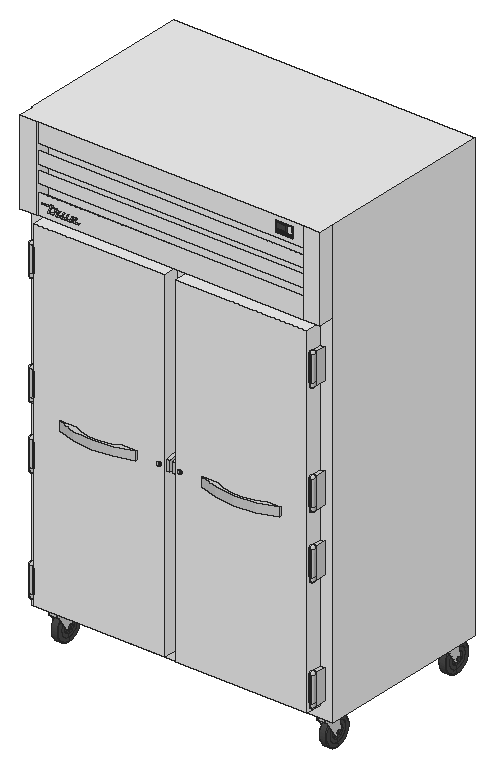
Revit family
Parameters
  Weight in Pounds = 0
  Watts = 3000 W
  Volts = 208 V
  URL Cutsheet = "www.truemfg.com"
  URL = "www.truemfg.com"
  Type Mark [instance] = ""
  Type Comments = ""
  Status [instance] = ""
  Specification by User [instance] = ""
  Specification by Manufacturer = ""
  Show Seismic Flanged [instance] = no
  Show Logo [instance] = yes
  Show Legs [instance] = no
  Show Clearance [instance] = yes
  Serial Number = ""
  Seismic Rating = ""
  Seismic Plate [instance] = and(Show Seismic Flanged, not(Show Casters))  # no
  SMACNA No = ""
  Revision Code [instance] = ""
  Phase = 1
  Omniclass Number and Title = ""
  Number of Poles [instance] = 1
  NAFEM Spec ID Number = ""
  Model = "STG2H-2S"
  Min Ckt Ampacity = 0 A
  Max Overcurrent Protection = 0 A
  Masterspec = ""
  Manufacturer = "TRUE FOOD SERVICE EQUIPMENT, INC."
  Length = 52 5/8"
  Legs [instance] = or(Show Legs, Show Seismic Flanged)  # no
  Item Number [instance] = ""
  Installed By [instance] = ""
  Identify Quantity as Lot [instance] = yes
  Height = 77 3/4"
  HP = ""
  Furnished By [instance] = ""
  Foodservice Equipment Identifier [instance] = yes
  FL Amps = Watts / Volts  # 14.4231 A
  Electrical Remarks [instance] = ""
  Electric Connection Type [instance] = ""
  Elec Conn RI Height [instance] = 0"
  Elec Conn Connection Height [instance] = 0"
  Description = "Reach-in Solid Swing Door Heated Cabinet"
  Depth = 33 3/4"
  Cycle = 60 Hz
  Conn Plug = "6-15P"
  Conn Conduit = yes
  Show Casters [instance] = and(not(if(Show Legs, Show Legs, Show Legs)), not(if(Show Legs, Show Legs, Show Seismic Flanged)))  # yes
  CSI MasterFormat = ""
  CSI Master Format = ""
  Apparent Power = if(Phase = 3, Volts * FL Amps * 1.73, Volts * FL Amps)  # 3000 VA
Reference planes (in)
  plane 1 "BACK": y = 0
  plane 2: z = 0
  plane 3 "LEFT": x = 0
  plane 4 "RIGHT": x = 52.625
  plane 5 "FRONT": y = -33.75
  plane 6 "TOP": z = 84.125
  plane 7: z = 6.125
  plane 8: x = 26.3125
  plane 9: x = 3
  plane 10: x = 49.9375
  plane 11: y = -33.7042
  plane 12: x = 26.46875
Forms (in)
  Extrusion 1, solid, material "QF_Finishes_Chrome - Satin"
    sketch origin (0.05, 0, 0) x (1, 0, 0) y (0, 1, 0)
      loop
        line (-0.05, 0) -> (-0.05, -31) -> (2.35625, -31) -> (2.35625, 0) -> (-0.05, 0)
    from 6.125 to 84.125
  Extrusion 2, solid, material "QF_Finishes_Chrome - Satin"
    sketch origin (50.15, 0, 0) x (1, 0, 0) y (0, 1, 0)
      loop
        line (0.225, 0) -> (0.225, -31) -> (2.475, -31) -> (2.475, 0) -> (0.225, 0)
    from 6.125 to 84.125
  Extrusion 3, solid, material "QF_Finishes_Chrome - Satin"
    sketch origin (0, 0, 0) x (0, 1, 0) y (0, 0, 1)
      loop
        line (-33.7042, 69.5) -> (-31, 69.5) -> (-31, 6.125) -> (0, 6.125) -> (0, 84.125) -> (-33.7042, 84.125) -> (-33.7042, 80.78078) -> (-31.5, 79.21352) -> (-31.5, 78.09125) -> (-33.7042, 79.65851) -> (-33.7042, 77.5248) -> (-31.5, 75.95754) -> (-31.5, 74.99678) -> (-33.7042, 76.56404) -> (-33.7042, 74.46784) -> (-31.5, 72.90057) -> (-31.5, 71.625) -> (-33.7042, 73.19226) -> (-33.7042, 69.5)
    from 2.25 to 50.375
  Extrusion 4, solid, material "QF_Finishes_Chrome - Satin"
    sketch origin (0, 0, 0) x (1, 0, 0) y (0, 1, 0)
      loop
        line (52.54687, -31) -> (49.66032, -31) -> (49.66032, -33.75) -> (52.54687, -33.75) -> (52.54687, -31)
    from 69.5 to 84.125
  Extrusion 5, solid, material "QF_Finishes_Chrome - Satin"
    sketch origin (-50.125, 0, 0.25) x (1, 0, 0) y (0, 1, 0)
      loop
        line (53.20984, -31) -> (50.20312, -31) -> (50.20312, -33.75) -> (53.20984, -33.75) -> (53.20984, -31)
    from 69.25 to 83.875
  Extrusion 6, solid, material "QF_Finishes_Chrome - Satin"
    sketch origin (0, 0, -0.71875) x (1, 0, 0) y (0, 0, 1)
      loop
        line (2.4375, 68.6875) -> (2.4375, 8.75) -> (25.375, 8.75) -> (25.375, 68.6875) -> (2.4375, 68.6875)
      loop
        line (50.34375, 68.6875) -> (27.40625, 68.6875) -> (27.40625, 8.75) -> (50.34375, 8.75) -> (50.34375, 68.6875)
    from 31 to 33.75
  Extrusion 7, solid, material "QF_Finishes_Handrails and Railings"
    sketch origin (85.95, -0.25, 26.37269) x (1, 0, 0) y (0, 1, 0)
      loop
        line (-53.875, -33.5) -> (-53.875, -33.7)
        arc (-53.875, -33.7) -> (-47.075, -35.14405) -> (-40.275, -33.7) r 16.7325
        line (-40.275, -33.7) -> (-40.275, -33.5) -> (-42.675, -33.5)
        arc (-42.675, -33.5) -> (-47.075, -34.65816) -> (-51.475, -33.5) r 8.93715
        line (-51.475, -33.5) -> (-53.875, -33.5)
    from 10.87731 to 12.37731
  Extrusion 8, solid, material "QF_Finishes_Handrails and Railings"
    sketch origin (1.75, 0, -2) x (1, 0, 0) y (0, 0, 1)
      loop
        circle (22.6875, 40.0625) r 0.35
      loop
        line (22.65235, 40.33635) -> (22.65235, 39.76895) -> (22.70785, 39.76895) -> (22.70785, 40.33635) -> (22.65235, 40.33635)
      loop
        circle (26.3125, 40.0625) r 0.35
      loop
        line (26.34765, 40.33635) -> (26.29215, 40.33635) -> (26.29215, 39.76895) -> (26.34765, 39.76895) -> (26.34765, 40.33635)
    from 33.5 to 33.83066
  Extrusion 9, solid, material "QF_Finishes_Handrails and Railings", visible <- "Show Logo"
    sketch origin (0.33478, 1.08173, -6.73143) x (1, 0, 0) y (0, 0, 1)
      loop
        line (3.61669, 78.46231) -> (3.51103, 78.23573) -> (4.91652, 78.23573)
        arc (4.91652, 78.23573) -> (4.94504, 78.18528) -> (4.91652, 78.13484) r 0.05887
        line (4.91652, 78.13484) -> (4.54994, 77.34872)
        arc (4.54994, 77.34872) -> (4.54676, 77.27591) -> (4.596, 77.22217) r 0.09523
        line (4.596, 77.22217) -> (5.49469, 77.22217)
        arc (5.49469, 77.22217) -> (5.60817, 77.25795) -> (5.68061, 77.35235) r 0.19785
        line (5.68061, 77.35235) -> (5.9691, 77.97101) -> (6.23415, 77.97101)
        arc (6.23415, 77.97101) -> (6.30369, 77.94543) -> (6.29362, 77.87203) r 0.05911
        line (6.29362, 77.87203) -> (6.05223, 77.35437)
        arc (6.05223, 77.35437) -> (6.05599, 77.2684) -> (6.12856, 77.22217) r 0.09318
        line (6.12856, 77.22217) -> (6.91823, 77.22217)
        arc (6.91823, 77.22217) -> (6.97874, 77.24419) -> (7.01093, 77.29995) r 0.09412
        arc (7.01093, 77.29995) -> (7.03371, 77.24495) -> (7.08871, 77.22217) r 0.07778
        line (7.08871, 77.22217) -> (7.58871, 77.22217)
        arc (7.58871, 77.22217) -> (7.64647, 77.23765) -> (7.68876, 77.27993) r 0.11552
        arc (7.68876, 77.27993) -> (7.709, 77.23106) -> (7.75787, 77.21081) r 0.06912
        line (7.75787, 77.21081) -> (8.4685, 77.21081)
        arc (8.4685, 77.21081) -> (8.52659, 77.23488) -> (8.55066, 77.29297) r 0.08216
        arc (8.55066, 77.29297) -> (8.60392, 77.23972) -> (8.67667, 77.22022) r 0.14551
        line (8.67667, 77.22022) -> (10.00783, 77.22022) -> (10.15571, 77.47634) -> (8.81303, 77.47634)
        arc (8.81303, 77.47634) -> (8.77597, 77.50204) -> (8.77459, 77.54711) r 0.05009
        line (8.77459, 77.54711) -> (8.79782, 77.59692)
        arc (8.79782, 77.59692) -> (8.83348, 77.64364) -> (8.88952, 77.66135) r 0.09747
        line (8.88952, 77.66135) -> (9.3211, 77.66135)
        arc (9.3211, 77.66135) -> (9.41425, 77.68631) -> (9.48244, 77.7545) r 0.1863
        line (9.48244, 77.7545) -> (9.60744, 77.97101)
        arc (9.60744, 77.97101) -> (9.60744, 78.08657) -> (9.50736, 78.14434) r 0.11556
        line (9.50736, 78.14434) -> (9.05187, 78.14434)
        arc (9.05187, 78.14434) -> (8.93575, 78.12462) -> (8.85474, 78.03912) r 0.18605
        line (8.85474, 78.03912) -> (8.63829, 77.57493)
        arc (8.63829, 77.57493) -> (8.5744, 77.49167) -> (8.47431, 77.46011) r 0.1745
        line (8.47431, 77.46011) -> (8.00184, 77.46011)
        arc (8.00184, 77.46011) -> (7.94528, 77.52184) -> (7.94893, 77.60548) r 0.10939
        line (7.94893, 77.60548) -> (8.2002, 78.14434) -> (8.04028, 78.14434) -> (7.77406, 77.57344)
        arc (7.77406, 77.57344) -> (7.72234, 77.50603) -> (7.6413, 77.48048) r 0.14128
        line (7.6413, 77.48048) -> (7.3155, 77.48048)
        arc (7.3155, 77.48048) -> (7.26044, 77.55223) -> (7.27225, 77.64189) r 0.11816
        line (7.27225, 77.64189) -> (7.50655, 78.14434) -> (7.34139, 78.14434) -> (7.07171, 77.566)
        arc (7.07171, 77.566) -> (7.0091, 77.50339) -> (6.92358, 77.48048) r 0.17104
        line (6.92358, 77.48048) -> (6.4518, 77.48048)
        arc (6.4518, 77.48048) -> (6.36707, 77.51999) -> (6.35892, 77.61313) r 0.0935
        line (6.35892, 77.61313) -> (6.51399, 77.94569) -> (6.7332, 77.94569)
        arc (6.7332, 77.94569) -> (6.7702, 78.05717) -> (6.84892, 78.14434) r 0.2857
        line (6.84892, 78.14434) -> (5.9923, 78.14434)
        arc (5.9923, 78.14434) -> (5.89711, 78.12324) -> (5.83123, 78.05135) r 0.16212
        line (5.83123, 78.05135) -> (5.59904, 77.55341)
        arc (5.59904, 77.55341) -> (5.54565, 77.50002) -> (5.47272, 77.48048) r 0.14586
        line (5.47272, 77.48048) -> (4.96131, 77.48048)
        arc (4.96131, 77.48048) -> (4.92139, 77.53442) -> (4.92899, 77.60109) r 0.09155
        line (4.92899, 77.60109) -> (5.26643, 78.23573) -> (6.1178, 78.23573) -> (6.22346, 78.46231) -> (5.37209, 78.46231) -> (5.47774, 78.68888) -> (5.17487, 78.68888) -> (5.06922, 78.46231) -> (3.61669, 78.46231)
      loop
        arc (8.9943, 77.93863) -> (8.95744, 77.92875) -> (8.93045, 77.90176) r 0.07373
        line (8.93045, 77.90176) -> (8.90854, 77.83436)
        arc (8.90854, 77.83436) -> (8.9187, 77.80983) -> (8.94324, 77.79966) r 0.0347
        line (8.94324, 77.79966) -> (9.31573, 77.79966)
        arc (9.31573, 77.79966) -> (9.34257, 77.80561) -> (9.36437, 77.82234) r 0.0635
        line (9.36437, 77.82234) -> (9.38249, 77.90622)
        arc (9.38249, 77.90622) -> (9.37716, 77.92868) -> (9.35634, 77.93863) r 0.02676
        line (9.35634, 77.93863) -> (8.9943, 77.93863)
    from 34.76797 to 34.83173
  Extrusion 10, solid
    sketch origin (0, 0, 0) x (1, 0, 0) y (0, 0, 1)
      loop
        circle (49.53125, 82) r 0.25
    from 0 to 0.0625
  Extrusion 11, solid, material "QF_Finishes_Handrails and Railings"
    sketch origin (-33.16875, -0.25, 26.37269) x (1, 0, 0) y (0, 1, 0)
      loop
        line (53.71875, -33.5) -> (51.31875, -33.5)
        arc (51.31875, -33.5) -> (47.075, -34.58228) -> (42.83125, -33.5) r 8.86127
        line (42.83125, -33.5) -> (40.43125, -33.5) -> (40.43125, -33.7)
        arc (40.43125, -33.7) -> (47.075, -35.08117) -> (53.71875, -33.7) r 16.66961
        line (53.71875, -33.7) -> (53.71875, -33.5)
    from 10.87731 to 12.37731
  Blend 12, solid, material "QF_Finishes_Handrails and Railings"
    base sketch origin (0.125, 0, 0) x (1, 0, 0) y (0, 0, 1)
      loop
        line (25.25, 38.99169) -> (25.25, 37.24169) -> (26, 37.24169) -> (26, 38.99169) -> (25.25, 38.99169)
    top sketch origin (0.125, 0, 0) x (1, 0, 0) y (0, 0, 1)
      loop
        line (26.18223, 36.6441) -> (26.18223, 39.42643) -> (25.25, 39.42643) -> (25.25, 36.6441) -> (26.18223, 36.6441)
    from 33.57883 to 31
  Blend 13, solid, material "QF_Finishes_Handrails and Railings"
    base sketch origin (52.65625, 0, 0) x (-1, 0, 0) y (0, 0, -1)
      loop
        line (25.25, -38.99169) -> (26, -38.99169) -> (26, -37.24169) -> (25.25, -37.24169) -> (25.25, -38.99169)
    top sketch origin (52.65625, 0, 0) x (-1, 0, 0) y (0, 0, -1)
      loop
        line (26.18223, -36.6441) -> (25.25, -36.6441) -> (25.25, -39.42643) -> (26.18223, -39.42643) -> (26.18223, -36.6441)
    from 33.57883 to 31
  Extrusion 14, solid, material "QF_Finishes_Handrails and Railings"
    sketch origin (1.28125, 0, 0) x (0, 1, 0) y (0, 0, 1)
      loop
        line (-31, 64.55229) -> (-32.61044, 64.55229)
        arc (-32.61044, 64.55229) -> (-32.75506, 64.49238) -> (-32.81497, 64.34776) r 0.20453
        line (-32.81497, 64.34776) -> (-32.81497, 59.94848) -> (-33.25, 59.94848) -> (-33.25, 59.23627) -> (-31, 59.23627) -> (-31, 64.55229)
    from 0.17506 to 1
  Revolve 15, solid, material "QF_Finishes_Handrails and Railings"
    sketch origin (1.78125, 0, 0) x (0, 1, 0) y (0, 0, 1)
      loop
        line (-33.26563, 60.00189) -> (-33.26563, 64.81483)
        arc (-33.26563, 64.81483) -> (-33.53722, 64.72557) -> (-33.67229, 64.4736) r 0.3848
        line (-33.67229, 64.4736) -> (-33.67229, 60.00189) -> (-33.26563, 60.00189)
      loop
        line (-33.26563, 59.94848) -> (-33.67229, 59.94848) -> (-33.67229, 59.37712)
        arc (-33.67229, 59.37712) -> (-33.53264, 59.13383) -> (-33.26563, 59.04781) r 0.38884
        line (-33.26563, 59.04781) -> (-33.26563, 59.94848)
      axis (-33.26563, 59.04781) -> (-33.26563, 64.81483)
    angle from 0 to 360
  Extrusion 16, solid, material "QF_Finishes_Handrails and Railings"
    sketch origin (-0.03125, 0, 0) x (1, 0, 0) y (0, 0, 1)
      loop
        line (2.07116, 64.4736) -> (2.07116, 60.00079) -> (2.46875, 60.00079) -> (2.46875, 64.4736) -> (2.07116, 64.4736)
    from 32.81497 to 33.59495
  Extrusion 17, solid, material "QF_Finishes_Handrails and Railings"
    sketch origin (1.28125, 0, -19.5) x (0, 1, 0) y (0, 0, 1)
      loop
        line (-31, 64.55229) -> (-32.61044, 64.55229)
        arc (-32.61044, 64.55229) -> (-32.75506, 64.49238) -> (-32.81497, 64.34776) r 0.20453
        line (-32.81497, 64.34776) -> (-32.81497, 59.94848) -> (-33.25, 59.94848) -> (-33.25, 59.23627) -> (-31, 59.23627) -> (-31, 64.55229)
    from 0.17506 to 1
  Revolve 18, solid, material "QF_Finishes_Handrails and Railings"
    sketch origin (1.78125, 0, -19.5) x (0, 1, 0) y (0, 0, 1)
      loop
        line (-33.26563, 60.00189) -> (-33.26563, 64.81483)
        arc (-33.26563, 64.81483) -> (-33.53722, 64.72557) -> (-33.67229, 64.4736) r 0.3848
        line (-33.67229, 64.4736) -> (-33.67229, 60.00189) -> (-33.26563, 60.00189)
      loop
        line (-33.26563, 59.94848) -> (-33.67229, 59.94848) -> (-33.67229, 59.37712)
        arc (-33.67229, 59.37712) -> (-33.53264, 59.13383) -> (-33.26563, 59.04781) r 0.38884
        line (-33.26563, 59.04781) -> (-33.26563, 59.94848)
      axis (-33.26563, 59.04781) -> (-33.26563, 64.81483)
    angle from 0 to 360
  Extrusion 19, solid, material "QF_Finishes_Handrails and Railings"
    sketch origin (-0.03125, 0, -19.5) x (1, 0, 0) y (0, 0, 1)
      loop
        line (2.07116, 64.4736) -> (2.07116, 60.00079) -> (2.46875, 60.00079) -> (2.46875, 64.4736) -> (2.07116, 64.4736)
    from 32.81497 to 33.59495
  Extrusion 20, solid, material "QF_Finishes_Handrails and Railings"
    sketch origin (1.28125, 0, -30.5) x (0, 1, 0) y (0, 0, 1)
      loop
        line (-31, 64.55229) -> (-32.61044, 64.55229)
        arc (-32.61044, 64.55229) -> (-32.75506, 64.49238) -> (-32.81497, 64.34776) r 0.20453
        line (-32.81497, 64.34776) -> (-32.81497, 59.94848) -> (-33.25, 59.94848) -> (-33.25, 59.23627) -> (-31, 59.23627) -> (-31, 64.55229)
    from 0.17506 to 1
  Revolve 21, solid, material "QF_Finishes_Handrails and Railings"
    sketch origin (1.78125, 0, -30.5) x (0, 1, 0) y (0, 0, 1)
      loop
        line (-33.26563, 60.00189) -> (-33.26563, 64.81483)
        arc (-33.26563, 64.81483) -> (-33.53722, 64.72557) -> (-33.67229, 64.4736) r 0.3848
        line (-33.67229, 64.4736) -> (-33.67229, 60.00189) -> (-33.26563, 60.00189)
      loop
        line (-33.26563, 59.94848) -> (-33.67229, 59.94848) -> (-33.67229, 59.37712)
        arc (-33.67229, 59.37712) -> (-33.53264, 59.13383) -> (-33.26563, 59.04781) r 0.38884
        line (-33.26563, 59.04781) -> (-33.26563, 59.94848)
      axis (-33.26563, 59.04781) -> (-33.26563, 64.81483)
    angle from 0 to 360
  Extrusion 22, solid, material "QF_Finishes_Handrails and Railings"
    sketch origin (-0.03125, 0, -30.5) x (1, 0, 0) y (0, 0, 1)
      loop
        line (2.07116, 64.4736) -> (2.07116, 60.00079) -> (2.46875, 60.00079) -> (2.46875, 64.4736) -> (2.07116, 64.4736)
    from 32.81497 to 33.59495
  Extrusion 23, solid, material "QF_Finishes_Handrails and Railings"
    sketch origin (1.28125, 0, -50.25) x (0, 1, 0) y (0, 0, 1)
      loop
        line (-31, 64.55229) -> (-32.61044, 64.55229)
        arc (-32.61044, 64.55229) -> (-32.75506, 64.49238) -> (-32.81497, 64.34776) r 0.20453
        line (-32.81497, 64.34776) -> (-32.81497, 59.94848) -> (-33.25, 59.94848) -> (-33.25, 59.23627) -> (-31, 59.23627) -> (-31, 64.55229)
    from 0.17506 to 1
  Revolve 24, solid, material "QF_Finishes_Handrails and Railings"
    sketch origin (1.78125, 0, -50.25) x (0, 1, 0) y (0, 0, 1)
      loop
        line (-33.26563, 60.00189) -> (-33.26563, 64.81483)
        arc (-33.26563, 64.81483) -> (-33.53722, 64.72557) -> (-33.67229, 64.4736) r 0.3848
        line (-33.67229, 64.4736) -> (-33.67229, 60.00189) -> (-33.26563, 60.00189)
      loop
        line (-33.26563, 59.94848) -> (-33.67229, 59.94848) -> (-33.67229, 59.37712)
        arc (-33.67229, 59.37712) -> (-33.53264, 59.13383) -> (-33.26563, 59.04781) r 0.38884
        line (-33.26563, 59.04781) -> (-33.26563, 59.94848)
      axis (-33.26563, 59.04781) -> (-33.26563, 64.81483)
    angle from 0 to 360
  Extrusion 25, solid, material "QF_Finishes_Handrails and Railings"
    sketch origin (-0.03125, 0, -50.25) x (1, 0, 0) y (0, 0, 1)
      loop
        line (2.07116, 64.4736) -> (2.07116, 60.00079) -> (2.46875, 60.00079) -> (2.46875, 64.4736) -> (2.07116, 64.4736)
    from 32.81497 to 33.59495
  Extrusion 26, solid, material "QF_Finishes_Handrails and Railings"
    sketch origin (51.34375, 0, 0) x (0, 1, 0) y (0, 0, -1)
      loop
        line (-31, -64.55229) -> (-31, -59.23627) -> (-33.25, -59.23627) -> (-33.25, -59.94848) -> (-32.81497, -59.94848) -> (-32.81497, -64.34776)
        arc (-32.81497, -64.34776) -> (-32.75506, -64.49238) -> (-32.61044, -64.55229) r 0.20453
        line (-32.61044, -64.55229) -> (-31, -64.55229)
    from 0.17506 to 1
  Revolve 27, solid, material "QF_Finishes_Handrails and Railings"
    sketch origin (50.84375, 0, 0) x (0, 1, 0) y (0, 0, -1)
      loop
        line (-33.26563, -60.00189) -> (-33.67229, -60.00189) -> (-33.67229, -64.4736)
        arc (-33.67229, -64.4736) -> (-33.53722, -64.72557) -> (-33.26563, -64.81483) r 0.3848
        line (-33.26563, -64.81483) -> (-33.26563, -60.00189)
      loop
        line (-33.26563, -59.94848) -> (-33.26563, -59.04781)
        arc (-33.26563, -59.04781) -> (-33.53264, -59.13383) -> (-33.67229, -59.37712) r 0.38884
        line (-33.67229, -59.37712) -> (-33.67229, -59.94848) -> (-33.26563, -59.94848)
      axis (-33.26563, -59.04781) -> (-33.26563, -64.81483)
    angle from 0 to 360
  Extrusion 28, solid, material "QF_Finishes_Handrails and Railings"
    sketch origin (52.65625, 0, 0) x (-1, 0, 0) y (0, 0, -1)
      loop
        line (1.75866, -64.4736) -> (2.15625, -64.4736) -> (2.15625, -60.00079) -> (1.75866, -60.00079) -> (1.75866, -64.4736)
    from 32.81497 to 33.59495
  Extrusion 29, solid, material "QF_Finishes_Handrails and Railings"
    sketch origin (51.34375, 0, -19.5) x (0, 1, 0) y (0, 0, -1)
      loop
        line (-31, -64.55229) -> (-31, -59.23627) -> (-33.25, -59.23627) -> (-33.25, -59.94848) -> (-32.81497, -59.94848) -> (-32.81497, -64.34776)
        arc (-32.81497, -64.34776) -> (-32.75506, -64.49238) -> (-32.61044, -64.55229) r 0.20453
        line (-32.61044, -64.55229) -> (-31, -64.55229)
    from 0.17506 to 1
  Revolve 30, solid, material "QF_Finishes_Handrails and Railings"
    sketch origin (50.84375, 0, -19.5) x (0, 1, 0) y (0, 0, -1)
      loop
        line (-33.26563, -60.00189) -> (-33.67229, -60.00189) -> (-33.67229, -64.4736)
        arc (-33.67229, -64.4736) -> (-33.53722, -64.72557) -> (-33.26563, -64.81483) r 0.3848
        line (-33.26563, -64.81483) -> (-33.26563, -60.00189)
      loop
        line (-33.26563, -59.94848) -> (-33.26563, -59.04781)
        arc (-33.26563, -59.04781) -> (-33.53264, -59.13383) -> (-33.67229, -59.37712) r 0.38884
        line (-33.67229, -59.37712) -> (-33.67229, -59.94848) -> (-33.26563, -59.94848)
      axis (-33.26563, -59.04781) -> (-33.26563, -64.81483)
    angle from 0 to 360
  Extrusion 31, solid, material "QF_Finishes_Handrails and Railings"
    sketch origin (52.65625, 0, -19.5) x (-1, 0, 0) y (0, 0, -1)
      loop
        line (1.75866, -64.4736) -> (2.15625, -64.4736) -> (2.15625, -60.00079) -> (1.75866, -60.00079) -> (1.75866, -64.4736)
    from 32.81497 to 33.59495
  Extrusion 32, solid, material "QF_Finishes_Handrails and Railings"
    sketch origin (51.34375, 0, -30.5) x (0, 1, 0) y (0, 0, -1)
      loop
        line (-31, -64.55229) -> (-31, -59.23627) -> (-33.25, -59.23627) -> (-33.25, -59.94848) -> (-32.81497, -59.94848) -> (-32.81497, -64.34776)
        arc (-32.81497, -64.34776) -> (-32.75506, -64.49238) -> (-32.61044, -64.55229) r 0.20453
        line (-32.61044, -64.55229) -> (-31, -64.55229)
    from 0.17506 to 1
  Revolve 33, solid, material "QF_Finishes_Handrails and Railings"
    sketch origin (50.84375, 0, -30.5) x (0, 1, 0) y (0, 0, -1)
      loop
        line (-33.26563, -60.00189) -> (-33.67229, -60.00189) -> (-33.67229, -64.4736)
        arc (-33.67229, -64.4736) -> (-33.53722, -64.72557) -> (-33.26563, -64.81483) r 0.3848
        line (-33.26563, -64.81483) -> (-33.26563, -60.00189)
      loop
        line (-33.26563, -59.94848) -> (-33.26563, -59.04781)
        arc (-33.26563, -59.04781) -> (-33.53264, -59.13383) -> (-33.67229, -59.37712) r 0.38884
        line (-33.67229, -59.37712) -> (-33.67229, -59.94848) -> (-33.26563, -59.94848)
      axis (-33.26563, -59.04781) -> (-33.26563, -64.81483)
    angle from 0 to 360
  Extrusion 34, solid, material "QF_Finishes_Handrails and Railings"
    sketch origin (52.65625, 0, -30.5) x (-1, 0, 0) y (0, 0, -1)
      loop
        line (1.75866, -64.4736) -> (2.15625, -64.4736) -> (2.15625, -60.00079) -> (1.75866, -60.00079) -> (1.75866, -64.4736)
    from 32.81497 to 33.59495
  Extrusion 35, solid, material "QF_Finishes_Handrails and Railings"
    sketch origin (51.34375, 0, -50.25) x (0, 1, 0) y (0, 0, -1)
      loop
        line (-31, -64.55229) -> (-31, -59.23627) -> (-33.25, -59.23627) -> (-33.25, -59.94848) -> (-32.81497, -59.94848) -> (-32.81497, -64.34776)
        arc (-32.81497, -64.34776) -> (-32.75506, -64.49238) -> (-32.61044, -64.55229) r 0.20453
        line (-32.61044, -64.55229) -> (-31, -64.55229)
    from 0.17506 to 1
  Revolve 36, solid, material "QF_Finishes_Handrails and Railings"
    sketch origin (50.84375, 0, -50.25) x (0, 1, 0) y (0, 0, -1)
      loop
        line (-33.26563, -60.00189) -> (-33.67229, -60.00189) -> (-33.67229, -64.4736)
        arc (-33.67229, -64.4736) -> (-33.53722, -64.72557) -> (-33.26563, -64.81483) r 0.3848
        line (-33.26563, -64.81483) -> (-33.26563, -60.00189)
      loop
        line (-33.26563, -59.94848) -> (-33.26563, -59.04781)
        arc (-33.26563, -59.04781) -> (-33.53264, -59.13383) -> (-33.67229, -59.37712) r 0.38884
        line (-33.67229, -59.37712) -> (-33.67229, -59.94848) -> (-33.26563, -59.94848)
      axis (-33.26563, -59.04781) -> (-33.26563, -64.81483)
    angle from 0 to 360
  Extrusion 37, solid, material "QF_Finishes_Handrails and Railings"
    sketch origin (52.65625, 0, -50.25) x (-1, 0, 0) y (0, 0, -1)
      loop
        line (1.75866, -64.4736) -> (2.15625, -64.4736) -> (2.15625, -60.00079) -> (1.75866, -60.00079) -> (1.75866, -64.4736)
    from 32.81497 to 33.59495
  Revolve 38, solid, material "QF_Finishes_Black", visible <- "Show Casters"
    sketch origin (47.78125, -27.375, 0) x (1, 0, 0) y (0, 0, 1)
      loop
        line (1.63125, 5) -> (1.53125, 4.9) -> (1.53125, 4.29941) -> (1.69226, 4.29941) -> (1.69226, 3.54941) -> (1.53125, 3.54941) -> (1.53125, 2.79941) -> (1.13125, 2.79941) -> (1.13125, 2.5) -> (3.18125, 2.5) -> (3.18125, 2.79941) -> (2.78533, 2.79941) -> (2.78533, 3.54941) -> (2.62024, 3.54941) -> (2.62024, 4.29941) -> (2.78533, 4.29941) -> (2.78533, 4.89592) -> (2.68125, 5) -> (1.63125, 5)
      axis (3.18125, 2.5) -> (1.13125, 2.5)
    angle from 0 to 360
  Extrusion 39, solid, material "QF_Finishes_Handrails and Railings", visible <- "Show Casters"
    sketch origin (47.78125, 0, 0) x (0, 1, 0) y (0, 0, 1)
      loop
        line (-29.95136, 5.48574) -> (-29.95136, 4.88089) -> (-29.70136, 4.88089) -> (-27.95216, 2.18736)
        arc (-27.95216, 2.18736) -> (-27.23883, 1.94868) -> (-26.84581, 2.59003) r 0.60416
        line (-26.84581, 2.59003) -> (-27.20136, 5.48574) -> (-29.95136, 5.48574)
      loop
        line (-3.8577, 5.48574) -> (-3.8577, 4.88089) -> (-3.6077, 4.88089) -> (-1.8585, 2.18736)
        arc (-1.8585, 2.18736) -> (-1.14517, 1.94868) -> (-0.75215, 2.59003) r 0.60416
        line (-0.75215, 2.59003) -> (-1.1077, 5.48574) -> (-3.8577, 5.48574)
    from 1.175 to 1.325
  Extrusion 40, solid, material "QF_Finishes_Handrails and Railings", visible <- "Show Casters"
    sketch origin (49.28125, 0, 0) x (0, 1, 0) y (0, 0, 1)
      loop
        line (-29.95136, 5.48574) -> (-29.95136, 4.88089) -> (-29.70136, 4.88089) -> (-27.95216, 2.18736)
        arc (-27.95216, 2.18736) -> (-27.23883, 1.94868) -> (-26.84581, 2.59003) r 0.60416
        line (-26.84581, 2.59003) -> (-27.20136, 5.48574) -> (-29.95136, 5.48574)
      loop
        line (-3.8577, 5.48574) -> (-3.8577, 4.88089) -> (-3.6077, 4.88089) -> (-1.8585, 2.18736)
        arc (-1.8585, 2.18736) -> (-1.14517, 1.94868) -> (-0.75215, 2.59003) r 0.60416
        line (-0.75215, 2.59003) -> (-1.1077, 5.48574) -> (-3.8577, 5.48574)
    from 1.175 to 1.325
  Revolve 41, solid, material "QF_Finishes_Chrome - Satin", visible <- "Show Casters"
    sketch origin (47.78125, -28.5625, -0.5) x (1, 0, 0) y (0, 0, 1)
      loop
        line (2.15625, 5.99546) -> (2.15625, 6.62359) -> (0.85918, 6.62359) -> (0.85918, 5.99546) -> (2.15625, 5.99546)
      axis (2.15625, 5.99546) -> (2.15625, 6.62359)
    angle from 0 to 360
  Revolve 42, solid, material "QF_Finishes_Chrome - Satin", visible <- "Legs"
    sketch origin (47.78125, -2.69102, 0) x (1, 0, 0) y (0, 0, 1)
      loop
        line (2.15625, 6.125) -> (0.82287, 6.125) -> (1.40625, 1) -> (1.65625, 1) -> (1.65625, 0) -> (2.15625, 0) -> (2.15625, 6.125)
      axis (2.15625, 0) -> (2.15625, 6.125)
    angle from 0 to 360
  Revolve 43, solid, material "QF_Finishes_Chrome - Satin", visible <- "Legs"
    sketch origin (47.78125, -28.65977, 0) x (1, 0, 0) y (0, 0, 1)
      loop
        line (2.15625, 6.125) -> (0.82287, 6.125) -> (1.40625, 1) -> (1.65625, 1) -> (1.65625, 0) -> (2.15625, 0) -> (2.15625, 6.125)
      axis (2.15625, 0) -> (2.15625, 6.125)
    angle from 0 to 360
  Revolve 44, solid, material "QF_Finishes_Chrome - Satin", visible <- "Show Casters"
    sketch origin (47.78125, -2.70321, -0.5) x (1, 0, 0) y (0, 0, 1)
      loop
        line (2.15625, 5.99546) -> (2.15625, 6.62359) -> (0.85918, 6.62359) -> (0.85918, 5.99546) -> (2.15625, 5.99546)
      axis (2.15625, 5.99546) -> (2.15625, 6.62359)
    angle from 0 to 360
  Extrusion 45, solid, material "QF_Finishes_Handrails and Railings", visible <- "Show Casters"
    sketch origin (0, 0, 0) x (0, 1, 0) y (0, 0, 1)
      loop
        line (-29.95136, 5.48574) -> (-29.95136, 4.88089) -> (-29.70136, 4.88089) -> (-27.16533, 5.19227) -> (-27.20136, 5.48574) -> (-29.95136, 5.48574)
      loop
        line (-3.8577, 5.48574) -> (-3.8577, 4.88089) -> (-3.6077, 4.88089) -> (-1.07167, 5.19227) -> (-1.1077, 5.48574) -> (-3.8577, 5.48574)
    from 49.10625 to 50.45625
  Revolve 46, solid, material "QF_Finishes_Black", visible <- "Show Casters"
    sketch origin (47.78125, -1.21875, 0) x (1, 0, 0) y (0, 0, 1)
      loop
        line (1.63125, 5) -> (1.53125, 4.9) -> (1.53125, 4.29941) -> (1.69226, 4.29941) -> (1.69226, 3.54941) -> (1.53125, 3.54941) -> (1.53125, 2.79941) -> (1.13125, 2.79941) -> (1.13125, 2.5) -> (3.18125, 2.5) -> (3.18125, 2.79941) -> (2.78533, 2.79941) -> (2.78533, 3.54941) -> (2.62024, 3.54941) -> (2.62024, 4.29941) -> (2.78533, 4.29941) -> (2.78533, 4.89592) -> (2.68125, 5) -> (1.63125, 5)
      axis (3.18125, 2.5) -> (1.13125, 2.5)
    angle from 0 to 360
  Revolve 47, solid, material "QF_Finishes_Black", visible <- "Show Casters"
    sketch origin (0.84375, -27.375, 0) x (1, 0, 0) y (0, 0, 1)
      loop
        line (1.63125, 5) -> (1.53125, 4.9) -> (1.53125, 4.29941) -> (1.69226, 4.29941) -> (1.69226, 3.54941) -> (1.53125, 3.54941) -> (1.53125, 2.79941) -> (0.975, 2.79941) -> (0.975, 2.5) -> (3.18125, 2.5) -> (3.18125, 2.79941) -> (2.78533, 2.79941) -> (2.78533, 3.54941) -> (2.62024, 3.54941) -> (2.62024, 4.29941) -> (2.78533, 4.29941) -> (2.78533, 4.89592) -> (2.68125, 5) -> (1.63125, 5)
      axis (3.18125, 2.5) -> (0.975, 2.5)
    angle from 0 to 360
  Extrusion 48, solid, material "QF_Finishes_Handrails and Railings", visible <- "Show Casters"
    sketch origin (0.84375, 0, 0) x (0, 1, 0) y (0, 0, 1)
      loop
        line (-29.95136, 5.48574) -> (-29.95136, 4.88089) -> (-29.70136, 4.88089) -> (-27.95216, 2.18736)
        arc (-27.95216, 2.18736) -> (-27.23883, 1.94868) -> (-26.84581, 2.59003) r 0.60416
        line (-26.84581, 2.59003) -> (-27.20136, 5.48574) -> (-29.95136, 5.48574)
      loop
        line (-3.8577, 5.48574) -> (-3.8577, 4.88089) -> (-3.6077, 4.88089) -> (-1.8585, 2.18736)
        arc (-1.8585, 2.18736) -> (-1.14517, 1.94868) -> (-0.75215, 2.59003) r 0.60416
        line (-0.75215, 2.59003) -> (-1.1077, 5.48574) -> (-3.8577, 5.48574)
    from 1.175 to 1.325
  Extrusion 49, solid, material "QF_Finishes_Handrails and Railings", visible <- "Show Casters"
    sketch origin (2.34375, 0, 0) x (0, 1, 0) y (0, 0, 1)
      loop
        line (-29.95136, 5.48574) -> (-29.95136, 4.88089) -> (-29.70136, 4.88089) -> (-27.95216, 2.18736)
        arc (-27.95216, 2.18736) -> (-27.23883, 1.94868) -> (-26.84581, 2.59003) r 0.60416
        line (-26.84581, 2.59003) -> (-27.20136, 5.48574) -> (-29.95136, 5.48574)
      loop
        line (-3.8577, 5.48574) -> (-3.8577, 4.88089) -> (-3.6077, 4.88089) -> (-1.8585, 2.18736)
        arc (-1.8585, 2.18736) -> (-1.14517, 1.94868) -> (-0.75215, 2.59003) r 0.60416
        line (-0.75215, 2.59003) -> (-1.1077, 5.48574) -> (-3.8577, 5.48574)
    from 1.175 to 1.325
  Revolve 50, solid, material "QF_Finishes_Chrome - Satin", visible <- "Show Casters"
    sketch origin (0.84375, -28.5625, -0.5) x (1, 0, 0) y (0, 0, 1)
      loop
        line (2.15625, 5.99546) -> (2.15625, 6.62359) -> (0.85918, 6.62359) -> (0.85918, 5.99546) -> (2.15625, 5.99546)
      axis (2.15625, 5.99546) -> (2.15625, 6.62359)
    angle from 0 to 360
  Revolve 51, solid, material "QF_Finishes_Chrome - Satin", visible <- "Legs"
    sketch origin (0.84375, -2.69102, 0) x (1, 0, 0) y (0, 0, 1)
      loop
        line (2.15625, 6.125) -> (0.82287, 6.125) -> (1.40625, 1) -> (1.65625, 1) -> (1.65625, 0) -> (2.15625, 0) -> (2.15625, 6.125)
      axis (2.15625, 0) -> (2.15625, 6.125)
    angle from 0 to 360
  Revolve 52, solid, material "QF_Finishes_Chrome - Satin", visible <- "Legs"
    sketch origin (0.84375, -28.65977, 0) x (1, 0, 0) y (0, 0, 1)
      loop
        line (2.15625, 6.125) -> (0.82287, 6.125) -> (1.40625, 1) -> (1.65625, 1) -> (1.65625, 0) -> (2.15625, 0) -> (2.15625, 6.125)
      axis (2.15625, 0) -> (2.15625, 6.125)
    angle from 0 to 360
  Revolve 53, solid, material "QF_Finishes_Chrome - Satin", visible <- "Show Casters"
    sketch origin (0.84375, -2.70321, -0.5) x (1, 0, 0) y (0, 0, 1)
      loop
        line (2.15625, 5.99546) -> (2.15625, 6.62359) -> (0.85918, 6.62359) -> (0.85918, 5.99546) -> (2.15625, 5.99546)
      axis (2.15625, 5.99546) -> (2.15625, 6.62359)
    angle from 0 to 360
  Extrusion 54, solid, material "QF_Finishes_Handrails and Railings", visible <- "Show Casters"
    sketch origin (-46.9375, 0, 0) x (0, 1, 0) y (0, 0, 1)
      loop
        line (-29.95136, 5.48574) -> (-29.95136, 4.88089) -> (-29.70136, 4.88089) -> (-27.16533, 5.19227) -> (-27.20136, 5.48574) -> (-29.95136, 5.48574)
      loop
        line (-3.8577, 5.48574) -> (-3.8577, 4.88089) -> (-3.6077, 4.88089) -> (-1.07167, 5.19227) -> (-1.1077, 5.48574) -> (-3.8577, 5.48574)
    from 49.10625 to 50.45625
  Revolve 55, solid, material "QF_Finishes_Black", visible <- "Show Casters"
    sketch origin (0.84375, -1.21875, 0) x (1, 0, 0) y (0, 0, 1)
      loop
        line (1.63125, 5) -> (1.53125, 4.9) -> (1.53125, 4.29941) -> (1.69226, 4.29941) -> (1.69226, 3.54941) -> (1.53125, 3.54941) -> (1.53125, 2.79941) -> (0.975, 2.79941) -> (0.975, 2.5) -> (3.18125, 2.5) -> (3.18125, 2.79941) -> (2.78533, 2.79941) -> (2.78533, 3.54941) -> (2.62024, 3.54941) -> (2.62024, 4.29941) -> (2.78533, 4.29941) -> (2.78533, 4.89592) -> (2.68125, 5) -> (1.63125, 5)
      axis (3.18125, 2.5) -> (0.975, 2.5)
    angle from 0 to 360
  Extrusion 56, solid, material "QF_Finishes_White"
    sketch origin (1.49925, 1.06376, 1.58022) x (1, 0, 0) y (0, 0, 1)
      loop
        line (43.31732, 81.73227) -> (43.31732, 79.98496) -> (46.22357, 79.98496) -> (46.22357, 81.73227) -> (43.31732, 81.73227)
    from 34.75 to 34.76797
  Extrusion 57, solid, material "QF_Finishes_Black"
    sketch origin (1.49925, 1.06376, 1.58022) x (1, 0, 0) y (0, 0, 1)
      loop
        line (46.28607, 81.79477) -> (43.25482, 81.79477) -> (43.25482, 79.92246) -> (46.28607, 79.92246) -> (46.28607, 81.79477)
      loop
        spline (43.45482, 80.25372) -> (43.46333, 80.23754) -> (43.48831, 80.22247) -> (43.52804, 80.20952) -> (43.57982, 80.19959) -> (43.64011, 80.19335) -> (43.70482, 80.19122) -> (43.76952, 80.19335) -> (43.82982, 80.19959) -> (43.88159, 80.20952) -> (43.92132, 80.22247) -> (43.9463, 80.23754) -> (43.95482, 80.25372)
        spline (43.95482, 80.25372) -> (43.9463, 80.26989) -> (43.92132, 80.28497) -> (43.88159, 80.29791) -> (43.82982, 80.30784) -> (43.76952, 80.31409) -> (43.70482, 80.31622) -> (43.64011, 80.31409) -> (43.57982, 80.30784) -> (43.52804, 80.29791) -> (43.48831, 80.28497) -> (43.46333, 80.26989) -> (43.45482, 80.25372)
      loop
        spline (44.15083, 80.25372) -> (44.15935, 80.23754) -> (44.18432, 80.22247) -> (44.22405, 80.20952) -> (44.27583, 80.19959) -> (44.33612, 80.19335) -> (44.40083, 80.19122) -> (44.46553, 80.19335) -> (44.52583, 80.19959) -> (44.57761, 80.20952) -> (44.61734, 80.22247) -> (44.64231, 80.23754) -> (44.65083, 80.25372)
        spline (44.65083, 80.25372) -> (44.64231, 80.26989) -> (44.61734, 80.28497) -> (44.57761, 80.29791) -> (44.52583, 80.30784) -> (44.46553, 80.31409) -> (44.40083, 80.31622) -> (44.33612, 80.31409) -> (44.27583, 80.30784) -> (44.22405, 80.29791) -> (44.18432, 80.28497) -> (44.15935, 80.26989) -> (44.15083, 80.25372)
      loop
        spline (44.90083, 80.25372) -> (44.90935, 80.23754) -> (44.93432, 80.22247) -> (44.97405, 80.20952) -> (45.02583, 80.19959) -> (45.08612, 80.19335) -> (45.15083, 80.19122) -> (45.21553, 80.19335) -> (45.27583, 80.19959) -> (45.32761, 80.20952) -> (45.36734, 80.22247) -> (45.39231, 80.23754) -> (45.40083, 80.25372)
        spline (45.40083, 80.25372) -> (45.39231, 80.26989) -> (45.36734, 80.28497) -> (45.32761, 80.29791) -> (45.27583, 80.30784) -> (45.21553, 80.31409) -> (45.15083, 80.31622) -> (45.08612, 80.31409) -> (45.02583, 80.30784) -> (44.97405, 80.29791) -> (44.93432, 80.28497) -> (44.90935, 80.26989) -> (44.90083, 80.25372)
      loop
        line (43.45481, 81.59478) -> (43.45481, 80.59478) -> (45.15433, 80.59478) -> (45.15433, 81.59478) -> (43.45481, 81.59478)
      loop
        line (46.22357, 81.73227) -> (43.31732, 81.73227) -> (43.31732, 79.98496) -> (46.22357, 79.98496) -> (46.22357, 81.73227)
      loop
        spline (45.65083, 80.25372) -> (45.65935, 80.23754) -> (45.68432, 80.22247) -> (45.72405, 80.20952) -> (45.77583, 80.19959) -> (45.83612, 80.19335) -> (45.90083, 80.19122) -> (45.96553, 80.19335) -> (46.02583, 80.19959) -> (46.07761, 80.20952) -> (46.11734, 80.22247) -> (46.14231, 80.23754) -> (46.15083, 80.25372)
        spline (46.15083, 80.25372) -> (46.14231, 80.26989) -> (46.11734, 80.28497) -> (46.07761, 80.29791) -> (46.02583, 80.30784) -> (45.96553, 80.31409) -> (45.90083, 80.31622) -> (45.83612, 80.31409) -> (45.77583, 80.30784) -> (45.72405, 80.29791) -> (45.68432, 80.28497) -> (45.65935, 80.26989) -> (45.65083, 80.25372)
    from 34.76797 to 34.80335
  Extrusion 58, solid, material "QF_Finishes_Door Clearance", visible <- "Show Clearance", detail levels coarse
    sketch origin (0.66534, -3.6098, 0) x (-1, 0, 0) y (0, -1, 0)
      loop
        line (-1.77216, 30.1402) -> (-1.77216, 53.0777)
        arc (-1.77216, 53.0777) -> (-17.99142, 46.35946) -> (-24.70966, 30.1402) r 22.9375
        line (-24.70966, 30.1402) -> (-1.77216, 30.1402)
      loop
        arc (-26.74091, 30.1402) -> (-33.45915, 46.35946) -> (-49.67841, 53.0777) r 22.9375
        line (-49.67841, 53.0777) -> (-49.67841, 30.1402) -> (-26.74091, 30.1402)
    from 8.0288 to 67.96875
  Extrusion 59, solid, material "QF_Finishes_Chrome - Satin", visible <- "Seismic Plate"
    sketch origin (-0.22541, -26.96562, 0) x (1, 0, 0) y (0, 1, 0)
      loop
        circle (3.22541, -1.69416) r 1.5
    from 0 to 0.25
  Extrusion 60, solid, material "QF_Finishes_Chrome - Satin", visible <- "Seismic Plate"
    sketch origin (-0.22541, -0.99687, 0) x (1, 0, 0) y (0, 1, 0)
      loop
        circle (3.22541, -1.69416) r 1.5
    from 0 to 0.25
  Extrusion 61, solid, material "QF_Finishes_Chrome - Satin", visible <- "Seismic Plate"
    sketch origin (46.71209, -0.99687, 0) x (1, 0, 0) y (0, 1, 0)
      loop
        circle (3.22541, -1.69416) r 1.5
    from 0 to 0.25
  Extrusion 62, solid, material "QF_Finishes_Chrome - Satin", visible <- "Seismic Plate"
    sketch origin (46.71209, -26.96562, 0) x (1, 0, 0) y (0, 1, 0)
      loop
        circle (3.22541, -1.69416) r 1.5
    from 0 to 0.25
Cuts and joins
  joined: Extrusion 1, Extrusion 2, Extrusion 3, Extrusion 4, Extrusion 5
  joined: Revolve 15, Extrusion 16
Lines and regions (in)
  symbolic lines
    curve 1: line (0, 0, 0) -> (52.625, 0, 0)
    curve 2: line (0, -33.75, 0) -> (0, 0, 0)
    curve 3: line (52.625, -33.75, 0) -> (0, -33.75, 0)
    curve 4: line (52.625, 0, 0) -> (52.625, -33.75, 0)
    curve 5: line (52.625, -31.5, 0) -> (0, -31.5, 0)
    curve 22: arc (43.2, -33.75, 0) -> (38.8, -34.90816, 0) -> (34.4, -33.75, 0) r 8.93715
    curve 23: arc (32, -33.95, 0) -> (38.8, -35.39405, 0) -> (45.6, -33.95, 0) r 16.7325
    curve 24: line (32, -33.75, 0) -> (32, -33.95, 0)
    curve 25: line (45.6, -33.95, 0) -> (45.6, -33.75, 0)
    curve 26: arc (18.19375, -33.75, 0) -> (13.95, -34.83228, 0) -> (9.70625, -33.75, 0) r 8.86127
    curve 27: arc (7.30625, -33.95, 0) -> (13.95, -35.33117, 0) -> (20.59375, -33.95, 0) r 16.66961
    curve 28: line (20.59375, -33.95, 0) -> (20.59375, -33.75, 0)
    curve 29: line (7.30625, -33.75, 0) -> (7.30625, -33.95, 0)
  symbolic lines, style "SpecialityEquipmentHiddenLines", visible <- "Show Casters"
    curve 6: line (3.60602, -24.30071, 0) -> (5.06131, -25.05071, 0)
    curve 7: line (1.20097, -28.96743, 0) -> (3.60602, -24.30071, 0)
    curve 8: line (2.65626, -29.71743, 0) -> (1.20097, -28.96743, 0)
    curve 9: line (5.06131, -25.05071, 0) -> (2.65626, -29.71743, 0)
    curve 10: line (3.98222, -0.4208, 0) -> (5.43751, -1.34689, 0)
    curve 11: line (1.20097, -4.79134, 0) -> (3.98222, -0.4208, 0)
    curve 12: line (2.65626, -5.71743, 0) -> (1.20097, -4.79134, 0)
    curve 13: line (5.43751, -1.34689, 0) -> (2.65626, -5.71743, 0)
    curve 14: line (50.00722, -0.4208, 0) -> (51.30626, -1.1708, 0)
    curve 15: line (47.38222, -4.96743, 0) -> (50.00722, -0.4208, 0)
    curve 16: line (48.68126, -5.71743, 0) -> (47.38222, -4.96743, 0)
    curve 17: line (51.30626, -1.1708, 0) -> (48.68126, -5.71743, 0)
    curve 18: line (50.00722, -24.52487, 0) -> (51.30626, -25.27487, 0)
    curve 19: line (47.38222, -29.07151, 0) -> (50.00722, -24.52487, 0)
    curve 20: line (48.68126, -29.82151, 0) -> (47.38222, -29.07151, 0)
    curve 21: line (51.30626, -25.27487, 0) -> (48.68126, -29.82151, 0)
  symbolic lines, style "QF-Door Swings", visible <- "Show Clearance", detail levels coarse
    curve 30: line (50.34375, -33.75, 0) -> (50.34375, -56.6875, 0)
    curve 31: arc (50.34375, -56.6875, 0) -> (34.12449, -49.96926, 0) -> (27.40625, -33.75, 0) r 22.9375
    curve 32: line (2.4375, -33.75, 0) -> (2.4375, -56.6875, 0)
    curve 33: arc (2.4375, -56.6875, 0) -> (18.65676, -49.96926, 0) -> (25.375, -33.75, 0) r 22.9375
Dimensions and locks (in)
  "Depth": plane 5 "FRONT" to plane 1 "BACK"
  plane 7 to level = 6 1/8"
  plane 6 "TOP" to level = 84 1/8"
  plane 6 "TOP" to plane 7 = 78"
  cut or joined group of Extrusion 1, Extrusion 2, Extrusion 3, Extrusion 4, Extrusion 5 to cut or joined group of Extrusion 1, Extrusion 2, Extrusion 3, Extrusion 4, Extrusion 5 = 31"
  Extrusion 6 to plane 1 "BACK" = 33 3/4"
  "Length": plane 3 "LEFT" to plane 4 "RIGHT"
  plane 4 "RIGHT" to plane 10 to plane 12 to plane 9 to plane 3 "LEFT" = 2 11/16", 23 15/32", 23 15/32", 3"
  plane 3 "LEFT" to plane 12 to plane 4 "RIGHT" = 26 15/32", 26 5/32"
  plane 4 "RIGHT" to plane 3 "LEFT" = 52 5/8"  (x2)
  Extrusion 6 to Extrusion 6 to plane 3 "LEFT" = 22 15/16", 2 7/16"
  plane 4 "RIGHT" to Extrusion 6 to Extrusion 6 = 2 9/32", 22 15/16"
  Extrusion 6 to plane 7 = 1 29/32"
  cut or joined group of Extrusion 1, Extrusion 2, Extrusion 3, Extrusion 4, Extrusion 5 to Extrusion 6 = 1 17/32"
  cut or joined group of Extrusion 1, Extrusion 2, Extrusion 3, Extrusion 4, Extrusion 5 to cut or joined group of Extrusion 1, Extrusion 2, Extrusion 3, Extrusion 4, Extrusion 5 = 52 15/32"
  Extrusion 11 to Extrusion 6 = 29 7/32"
  Extrusion 6 to Extrusion 11 = 29 7/32"
  Extrusion 7 to Extrusion 6 = 29 7/32"
  Extrusion 6 to Extrusion 7 = 29 7/32"
  aligned and locked: level to plane 2
Automatic sketch dimensions
  curve 5 to plane 3 "LEFT" = 0"
  plane 5 "FRONT" to curve 33 = 0"
  plane 1 "BACK" to curve 4 = 0"
  curve 4 to plane 4 "RIGHT" = 0"
  plane 3 "LEFT" to curve 12 = 1.20097"
  plane 3 "LEFT" to curve 7 = 1.20097"
  curve 32 to plane 9 = 9/16"
  curve 8 to plane 9 = 11/32"
  curve 13 to plane 9 = 11/32"
  plane 1 "BACK" to curve 10 = 0.4208"
  plane 9 to curve 10 = 0.98222"
  plane 9 to curve 7 = 0.60602"
  plane 5 "FRONT" to curve 29 = 0.2"
  plane 9 to curve 29 = 4.30625"
  curve 29 to curve 26 = 2.4"
  plane 8 to curve 27 = 12.3625"
  curve 26 to curve 27 = 0"
  curve 26 to curve 28 = 2.4"
  plane 8 to curve 33 = 15/16"
  curve 31 to plane 8 = 1 3/32"
  plane 5 "FRONT" to curve 24 = 0.2"
  curve 31 to curve 24 = 4 19/32"
  curve 24 to curve 22 = 2.4"
  curve 23 to plane 8 = 12.4875"
  curve 22 to curve 23 = 0"
  plane 5 "FRONT" to curve 23 = 0.2"
  curve 20 to plane 10 = 2.55528"
  curve 15 to plane 10 = 2.55528"
  curve 21 to plane 10 = 1.25624"
  curve 17 to plane 10 = 1.25624"
  plane 10 to curve 19 = 0.06972"
  plane 10 to curve 15 = 0.06972"
  plane 10 to curve 31 = 13/32"
  curve 5 to plane 5 "FRONT" = 2 1/4"
  curve 21 to plane 5 "FRONT" = 3.92849"
  curve 5 to curve 8 = 1.78257"
  curve 20 to curve 19 = 3/4"
  curve 8 to curve 7 = 3/4"
  curve 26 to plane 5 "FRONT" = 7.77899"
  curve 22 to plane 5 "FRONT" = 7.77899"
  curve 22 to curve 23 = 7.30945"
  curve 26 to curve 27 = 7.30945"
  curve 13 to curve 10 = 5.29663"
  plane 1 "BACK" to curve 16 = 5.71743"
  curve 16 to curve 16 = 3/4"
  Extrusion 1 sketch curve to plane 3 "LEFT" = 0"
  plane 1 "BACK" to Extrusion 1 sketch curve = 0"
  Extrusion 1 sketch curve to plane 9 = 19/32"
  Extrusion 1 sketch curve to plane 5 "FRONT" = 2 3/4"
  plane 1 "BACK" to Extrusion 2 sketch curve = 0"
  Extrusion 2 sketch curve to plane 4 "RIGHT" = 0"
  plane 10 to Extrusion 2 sketch curve = 7/16"
  Extrusion 2 sketch curve to plane 5 "FRONT" = 2 3/4"
  Extrusion 3 sketch curve to plane 11 = 0"  (x4)
  Extrusion 3 sketch curve to plane 6 "TOP" = 0"
  plane 11 to Extrusion 3 sketch curve = 2.2042"  (x2)
  Extrusion 3 sketch curve to Extrusion 3 sketch curve = 0"
  Extrusion 3 sketch curve to Extrusion 3 sketch curve = 1/2"
  plane 1 "BACK" to Extrusion 3 sketch curve = 0"
  Extrusion 3 sketch curve to plane 6 "TOP" = 3.34422"
  Extrusion 3 sketch curve to Extrusion 3 sketch curve = 1.12227"  (x2)
  Extrusion 3 sketch curve to Extrusion 3 sketch curve = 0.445"
  Extrusion 3 sketch curve to Extrusion 3 sketch curve = 2.13371"  (x2)
  Extrusion 3 sketch curve to Extrusion 3 sketch curve = 0.96076"  (x2)
  Extrusion 3 sketch curve to Extrusion 3 sketch curve = 2.0962"  (x2)
  Extrusion 3 sketch curve to Extrusion 3 sketch curve = 1.27557"  (x2)
  Extrusion 3 sketch curve to Extrusion 3 sketch curve = 2 1/8"
  Extrusion 3 sketch curve to plane 7 = 0"
  plane 5 "FRONT" to Extrusion 4 sketch curve = 0"
  Extrusion 4 sketch curve to plane 10 = 0.27718"
  Extrusion 4 sketch curve to plane 4 "RIGHT" = 5/64"
  Extrusion 4 sketch curve to plane 5 "FRONT" = 2 3/4"
  plane 5 "FRONT" to Extrusion 5 sketch curve = 0"
  plane 3 "LEFT" to Extrusion 5 sketch curve = 5/64"
  plane 9 to Extrusion 5 sketch curve = 0.08484"
  Extrusion 5 sketch curve to plane 5 "FRONT" = 2 3/4"
  Extrusion 6 sketch curve to plane 9 = 9/16"
  plane 8 to Extrusion 6 sketch curve = 15/16"
  Extrusion 6 sketch curve to plane 8 = 1 3/32"
  plane 10 to Extrusion 6 sketch curve = 13/32"
  plane 7 to Extrusion 6 sketch curve = 1 29/32"  (x2)
  Extrusion 6 sketch curve to plane 6 "TOP" = 16 5/32"
  Extrusion 6 sketch curve to Extrusion 6 sketch curve = 0"
  plane 5 "FRONT" to Extrusion 7 sketch curve = 0"  (x2)
  Extrusion 7 sketch curve to plane 8 = 5.7625"
  Extrusion 7 sketch curve to Extrusion 7 sketch curve = 2.4"  (x2)
  Extrusion 7 sketch curve to Extrusion 7 sketch curve = 4.4"
  Extrusion 7 sketch curve to Extrusion 7 sketch curve = 0"
  Extrusion 7 sketch curve to Extrusion 7 sketch curve = 0.2"
  Extrusion 7 sketch curve to plane 5 "FRONT" = 7.77899"
  Extrusion 7 sketch curve to Extrusion 7 sketch curve = 7.30945"
  plane 8 to Extrusion 8 sketch curve = 1 233/256"
  Extrusion 8 sketch curve to Extrusion 8 sketch curve = 9/256"
  Extrusion 8 sketch curve to Extrusion 8 sketch curve = 0.0555"  (x2)
  Extrusion 8 sketch curve to plane 8 = 1.72965"
  Extrusion 8 sketch curve to Extrusion 8 sketch curve = 0.02035"
  plane 7 to Extrusion 8 sketch curve = 31.64395"
  Extrusion 8 sketch curve to Extrusion 8 sketch curve = 0"
  Extrusion 8 sketch curve to Extrusion 8 sketch curve = 0.29355"  (x2)
  Extrusion 8 sketch curve to Extrusion 8 sketch curve = 0.27385"  (x2)
  plane 9 to Extrusion 9 sketch curve = 0.84582"
  Extrusion 9 sketch curve to Extrusion 9 sketch curve = 0.10565"  (x5)
  Extrusion 9 sketch curve to Extrusion 9 sketch curve = 1.03891"
  Extrusion 9 sketch curve to Extrusion 9 sketch curve = 0.04606"
  Extrusion 9 sketch curve to Extrusion 9 sketch curve = 0.04025"
  Extrusion 9 sketch curve to Extrusion 9 sketch curve = 0.33624"
  Extrusion 9 sketch curve to Extrusion 9 sketch curve = 0.03034"  (x2)
  Extrusion 9 sketch curve to Extrusion 9 sketch curve = 0.29274"
  Extrusion 9 sketch curve to Extrusion 9 sketch curve = 0.03232"
  Extrusion 9 sketch curve to Extrusion 9 sketch curve = 0.08083"
  Extrusion 9 sketch curve to Extrusion 9 sketch curve = 0.1527"
  Extrusion 9 sketch curve to Extrusion 9 sketch curve = 0.19721"
  Extrusion 9 sketch curve to Extrusion 9 sketch curve = 0.4629"
  Extrusion 9 sketch curve to Extrusion 9 sketch curve = 0.02197"
  Extrusion 9 sketch curve to Extrusion 9 sketch curve = 0.12632"
  Extrusion 9 sketch curve to Extrusion 9 sketch curve = 0.18591"
  Extrusion 9 sketch curve to Extrusion 9 sketch curve = 0.2322"
  Extrusion 9 sketch curve to Extrusion 9 sketch curve = 0.13786"
  Extrusion 9 sketch curve to Extrusion 9 sketch curve = 0.00907"
  Extrusion 9 sketch curve to Extrusion 9 sketch curve = 0.01413"
  Extrusion 9 sketch curve to Extrusion 9 sketch curve = 0.37162"
  Extrusion 9 sketch curve to Extrusion 9 sketch curve = 0.12551"
  Extrusion 9 sketch curve to Extrusion 9 sketch curve = 0.07633"
  Extrusion 9 sketch curve to Extrusion 9 sketch curve = 0.08445"
  Extrusion 9 sketch curve to Extrusion 9 sketch curve = 0.25598"
  Extrusion 9 sketch curve to Extrusion 9 sketch curve = 0.01887"
  Extrusion 9 sketch curve to Extrusion 9 sketch curve = 0.04061"
  Extrusion 9 sketch curve to Extrusion 9 sketch curve = 0.0653"
  Extrusion 9 sketch curve to Extrusion 9 sketch curve = 0.08474"
  Extrusion 9 sketch curve to Extrusion 9 sketch curve = 0.00815"
  Extrusion 9 sketch curve to Extrusion 9 sketch curve = 0.22037"
  Extrusion 9 sketch curve to Extrusion 9 sketch curve = 0.21921"
  Extrusion 9 sketch curve to Extrusion 9 sketch curve = 0.11572"
  Extrusion 9 sketch curve to Extrusion 9 sketch curve = 0.46643"
  Extrusion 9 sketch curve to Extrusion 9 sketch curve = 0.00535"
  Extrusion 9 sketch curve to Extrusion 9 sketch curve = 0.09269"
  Extrusion 9 sketch curve to Extrusion 9 sketch curve = 0.09348"
  Extrusion 9 sketch curve to Extrusion 9 sketch curve = 0.14812"
  Extrusion 9 sketch curve to Extrusion 9 sketch curve = 0.07778"  (x3)
  Extrusion 9 sketch curve to Extrusion 9 sketch curve = 0.20054"
  Extrusion 9 sketch curve to Extrusion 9 sketch curve = 0.04325"
  Extrusion 9 sketch curve to Extrusion 9 sketch curve = 0.32433"
  Extrusion 9 sketch curve to Extrusion 9 sketch curve = 0.10233"  (x2)
  Extrusion 9 sketch curve to Extrusion 9 sketch curve = 0.16515"
  Extrusion 9 sketch curve to Extrusion 9 sketch curve = 0.27321"
  Extrusion 9 sketch curve to Extrusion 9 sketch curve = 0.0526"
  Extrusion 9 sketch curve to Extrusion 9 sketch curve = 0.10005"
  Extrusion 9 sketch curve to Extrusion 9 sketch curve = 0.06912"
  Extrusion 9 sketch curve to Extrusion 9 sketch curve = 0.13276"
  Extrusion 9 sketch curve to Extrusion 9 sketch curve = 0.17486"
  Extrusion 9 sketch curve to Extrusion 9 sketch curve = 0.05291"
  Extrusion 9 sketch curve to Extrusion 9 sketch curve = 0.53374"
  Extrusion 9 sketch curve to Extrusion 9 sketch curve = 0.09914"  (x2)
  Extrusion 9 sketch curve to Extrusion 9 sketch curve = 0.15992"
  Extrusion 9 sketch curve to Extrusion 9 sketch curve = 0.46666"
  Extrusion 9 sketch curve to Extrusion 9 sketch curve = 0.00582"
  Extrusion 9 sketch curve to Extrusion 9 sketch curve = 0.08216"
  Extrusion 9 sketch curve to Extrusion 9 sketch curve = 0.16397"
  Extrusion 9 sketch curve to Extrusion 9 sketch curve = 0.12601"
  Extrusion 9 sketch curve to Extrusion 9 sketch curve = 0.1363"
  Extrusion 9 sketch curve to Extrusion 9 sketch curve = 0.02323"
  Extrusion 9 sketch curve to Extrusion 9 sketch curve = 0.03844"
  Extrusion 9 sketch curve to Extrusion 9 sketch curve = 0.0454"
  Extrusion 9 sketch curve to Extrusion 9 sketch curve = 0.05693"
  Extrusion 9 sketch curve to Extrusion 9 sketch curve = 0.0917"
  Extrusion 9 sketch curve to Extrusion 9 sketch curve = 0.01902"
  Extrusion 9 sketch curve to Extrusion 9 sketch curve = 0.02191"
  Extrusion 9 sketch curve to Extrusion 9 sketch curve = 0.0347"
  Extrusion 9 sketch curve to Extrusion 9 sketch curve = 0.06385"
  Extrusion 9 sketch curve to Extrusion 9 sketch curve = 0.02906"
  Extrusion 9 sketch curve to Extrusion 9 sketch curve = 0.02851"
  Extrusion 9 sketch curve to Extrusion 9 sketch curve = 0.29237"
  Extrusion 9 sketch curve to Extrusion 9 sketch curve = 0.00537"
  Extrusion 9 sketch curve to Extrusion 9 sketch curve = 0.0406"
  Extrusion 9 sketch curve to Extrusion 9 sketch curve = 0.04327"
  Extrusion 9 sketch curve to Extrusion 9 sketch curve = 0.02615"
  Extrusion 9 sketch curve to Extrusion 9 sketch curve = 0.11806"
  Extrusion 9 sketch curve to Extrusion 9 sketch curve = 0.15103"
  Extrusion 9 sketch curve to Extrusion 9 sketch curve = 0.10007"
  Extrusion 9 sketch curve to Extrusion 9 sketch curve = 0.5254"
  Extrusion 9 sketch curve to Extrusion 9 sketch curve = 0.14787"
  Extrusion 9 sketch curve to plane 6 "TOP" = 13.64562"
  Extrusion 9 sketch curve to Extrusion 9 sketch curve = 0.07275"
  Extrusion 9 sketch curve to Extrusion 9 sketch curve = 0.05776"
  Extrusion 9 sketch curve to Extrusion 9 sketch curve = 0.08631"
  Extrusion 9 sketch curve to Extrusion 9 sketch curve = 0.09282"
  Extrusion 9 sketch curve to Extrusion 9 sketch curve = 0.13018"
  Extrusion 9 sketch curve to Extrusion 9 sketch curve = 0.16714"
  Extrusion 9 sketch curve to Extrusion 9 sketch curve = 0.11061"
  Extrusion 9 sketch curve to Extrusion 9 sketch curve = 0.06046"
  Extrusion 9 sketch curve to Extrusion 9 sketch curve = 0.16548"
  Extrusion 9 sketch curve to Extrusion 9 sketch curve = 0.14279"
  Extrusion 9 sketch curve to Extrusion 9 sketch curve = 0.0496"
  Extrusion 9 sketch curve to Extrusion 9 sketch curve = 0.07293"
  Extrusion 9 sketch curve to Extrusion 9 sketch curve = 0.07764"
  Extrusion 9 sketch curve to Extrusion 9 sketch curve = 0.03794"
  Extrusion 9 sketch curve to Extrusion 9 sketch curve = 0.08552"
  Extrusion 9 sketch curve to Extrusion 9 sketch curve = 0.09296"
  Extrusion 9 sketch curve to Extrusion 9 sketch curve = 0.09314"
  Extrusion 9 sketch curve to Extrusion 9 sketch curve = 0.02781"
  Extrusion 9 sketch curve to Extrusion 9 sketch curve = 0.04981"
  Extrusion 9 sketch curve to Extrusion 9 sketch curve = 0.09315"
  Extrusion 9 sketch curve to Extrusion 9 sketch curve = 0.04799"
  Extrusion 9 sketch curve to Extrusion 9 sketch curve = 0.02531"
  Extrusion 9 sketch curve to Extrusion 9 sketch curve = 0.03054"
  Extrusion 9 sketch curve to Extrusion 9 sketch curve = 0.2589"
  Extrusion 9 sketch curve to Extrusion 9 sketch curve = 0.0674"
  Extrusion 9 sketch curve to Extrusion 9 sketch curve = 0.0324"
  Extrusion 9 sketch curve to Extrusion 9 sketch curve = 0.26185"
  Extrusion 9 sketch curve to Extrusion 9 sketch curve = 11/256"
  Extrusion 9 sketch curve to Extrusion 9 sketch curve = 0.07366"
  Extrusion 9 sketch curve to Extrusion 9 sketch curve = 0.02187"
  Extrusion 9 sketch curve to Extrusion 9 sketch curve = 0.06479"
  Extrusion 9 sketch curve to Extrusion 9 sketch curve = 0.01183"
  Extrusion 9 sketch curve to Extrusion 9 sketch curve = 0.05778"
  Extrusion 9 sketch curve to Extrusion 9 sketch curve = 0.53375"
  Extrusion 9 sketch curve to Extrusion 9 sketch curve = 0.23098"
  Extrusion 9 sketch curve to Extrusion 9 sketch curve = 0"
  Extrusion 9 sketch curve to Extrusion 9 sketch curve = 0.05045"
  Extrusion 9 sketch curve to Extrusion 9 sketch curve = 0.09139"
  Extrusion 9 sketch curve to Extrusion 9 sketch curve = 29/128"  (x3)
  Extrusion 10 sketch curve to plane 10 = 13/32"
  Extrusion 10 sketch curve to plane 6 "TOP" = 2 1/8"
  plane 5 "FRONT" to Extrusion 11 sketch curve = 0"  (x2)
  plane 9 to Extrusion 11 sketch curve = 4.2625"
